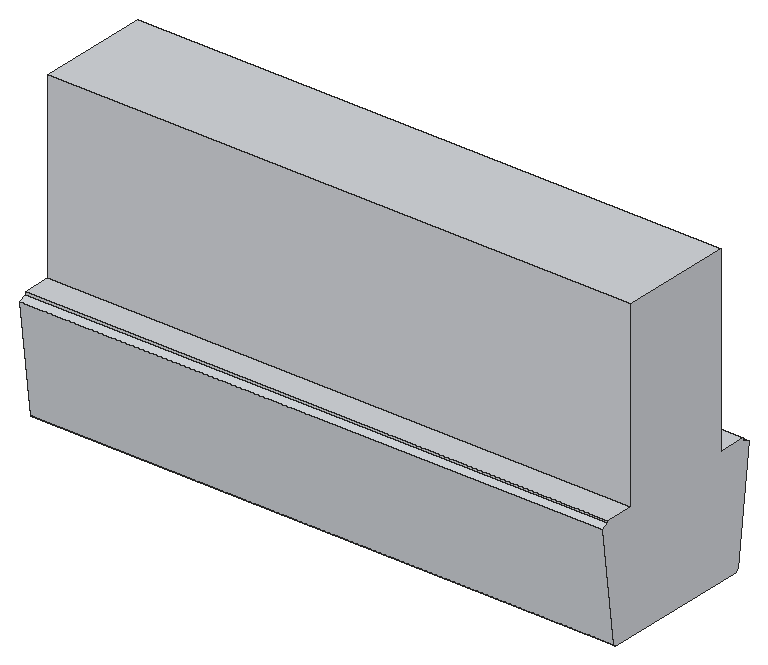
Revit family "KBB d=500_Precast-Console Beam_Spæncom", category Structural Framing, Revit 2014
Parameters (values of type "KBB 128/78 (150mm hylde)")
  Structural Material [instance] = none
  Model = "KBB"
  Manufacturer = "Spæncom"
  Length [instance] = 3000 mm
  Height element = 1280 mm
  Height (bjælkekroppen) = 780 mm
  Width (bjælkekroppen) = 485 mm
  Height console = 500 mm  # constant formula
  Width console = 150 mm
  Base width = 660 mm  # constant formula
Types (5, lengths in mm): name | Height element | Height (bjælkekroppen) | Width (bjælkekroppen) | Width console
  (no name) | 1280 | 780 | 485 | 150
  KBB 128/78 (150mm hylde) | 1280 | 780 | 485 | 150
  KBB 128/78 (200mm hylde) | 1280 | 780 | 385 | 200
  KBB 140/90 (150mm hylde) | 1400 | 900 | 485 | 150
  KBB 140/90 (200mm hylde) | 1400 | 900 | 385 | 200
Reference planes
  plane 1 "Center (Front/Back)": y = 0
  plane 2 "Center Elevation": z = 0
  plane 3 "Center (Left/Right)": x = 0
  plane 4 "Left": x = -1500
  plane 5 "Member Left": x = -1250
  plane 6 "Stick Symbol Left": x = -1000
  plane 7 "Right": x = 1500
  plane 8 "Member Right": x = 1250
  plane 9 "Stick Symbol Right": x = 1000
  plane 10: through (0, 389.375, 475) normal (0, -0.9923, 0.124)
  plane 11: through (0, -331.24, 9.923) normal (0, 0.9923, 0.124)
  plane 12: z = 500
Forms (mm)
  Extrusion 1, solid, material <- "Structural Material"
    sketch origin (-1500, 0, 0) x (0, -1, 0) y (0, 0, 1)
      loop
        line (242.5, 1280) -> (-242.5, 1280) -> (-242.5, 500) -> (-362.5, 500) -> (-362.5, 490) -> (-389.375, 475) -> (-331.24, 9.923) -> (-320, 0) -> (320, 0) -> (331.24, 9.923) -> (389.375, 475) -> (362.5, 490) -> (362.5, 500) -> (242.5, 500) -> (242.5, 1280)
    from -2750 to -250
Dimensions and locks
  equal spacing: plane 4 "Left", plane 3 "Center (Left/Right)", plane 7 "Right"
  "Length": plane 4 "Left" to plane 7 "Right"
  "Base width": plane 10 to plane 11
  "Height console": plane 12 to level
  "Height (bjælkekroppen)": plane 12 to Extrusion 1
  Extrusion 1 to level = 1280 mm
  "Width console": plane 12 to Extrusion 1 sketch curve
  "Width console": Extrusion 1 sketch curve to plane 12
  plane 12 to Extrusion 1 = 150 mm
  "Width (bjælkekroppen)": Extrusion 1 to Extrusion 1
  Extrusion 1 to plane 12 = 150 mm
  locked: plane 12 to Extrusion 1 sketch curve at 30
  locked: Extrusion 1 sketch curve to plane 12 at 30
  aligned and locked: level to plane 2 "Center Elevation"
  aligned and locked: Extrusion 1 to plane 8 "Member Right"
  aligned and locked: plane 5 "Member Left" to Extrusion 1
  aligned and locked: Extrusion 1 to plane 12  (x2)
  aligned and locked: Extrusion 1 to plane 10
  aligned and locked: Extrusion 1 to plane 11
  aligned and locked: Extrusion 1 to level
  aligned and locked: Extrusion 1 sketch curve to plane 11
Automatic sketch dimensions
  Extrusion 1 sketch curve to plane 10 = 0 mm  (x2)
  plane 12 to Extrusion 1 sketch curve = 0 mm  (x2)
  Extrusion 1 sketch curve to level = 0 mm
  Extrusion 1 sketch curve to plane 1 "Center (Front/Back)" = 320 mm
  level to Extrusion 1 sketch curve = 9.923 mm  (x2)
  plane 12 to Extrusion 1 sketch curve = 25 mm  (x2)
  plane 1 "Center (Front/Back)" to Extrusion 1 sketch curve = 320 mm
  plane 12 to Extrusion 1 sketch curve = 10 mm  (x2)
  Extrusion 1 sketch curve to plane 12 = 780 mm
